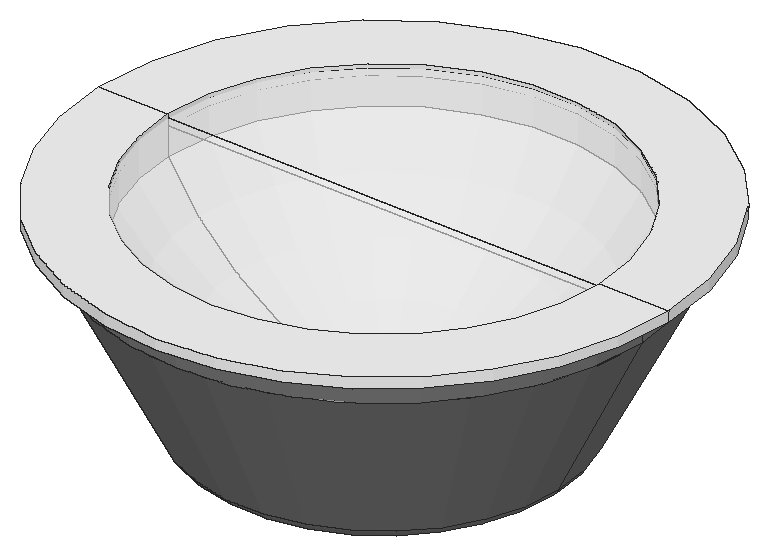
Revit family "30507", category Lighting Fixtures, host Face, Revit 2018
Family settings
  Host = Face
  Round Connector Dimension = Use Diameter
  Part Type = Normal
  OmniClass Number = 23.80.70.00
  OmniClass Title = Lighting
  Cut with Voids When Loaded = No
  Light Source = Yes
  Shared = No
  Room Calculation Point = No
Parameters (values of type "0030507 INSAVER SLIM UGR19 IP44 225 3050LM 840")
  WidthBezel_SYL = if(Size1_SYL, 20 mm, if(Size2_SYL, 20 mm, if(Size3PIR_SYL, 30 mm, if(Size4_SYL, 20 mm, 20 mm))))  # 20 mm
  Weight = "n/a"
  Wattage Comments = ""
  Wattage = 9 W
  WarrantyStartDate [instance] = "n/a"
  WarrantyGuarantorParts = "n/a"
  WarrantyDurationUnit = "n/a"
  WarrantyDurationParts = ""
  WarrantyDescription = "http://www.sylvania-lighting.com"
  built-in parameter 1150110 = 1 (stored number, unit not read)
  Voltage = 230 V
  VisibilityPIR_SYL = Size3PIR_SYL  # no
  URL = "0.9"
  TypeName = "Insaver Slim UGR19 IP44 225 3050LM 840"
  Type Image = <None>
  Type Comments = "n/a"
  built-in parameter 1114217 = 1 (stored number, unit not read)
  Tilt Angle = -90.00°
  built-in parameter 1150109 = 1 (stored number, unit not read)
  built-in parameter 1150134 = (empty or 0)
  built-in parameter 1150113 = 1 (stored number, unit not read)
  Size4_SYL = no
  Size3PIR_SYL = no
  Size2_SYL = no
  Size1_SYL = yes
  SerialNumber [instance] = "n/a"
  RadiusTop_SYL = 6 mm
  RadiusReflector_SYL = if(Size1_SYL, 85 mm, if(Size2_SYL, 85 mm, if(Size3PIR_SYL, 85 mm, if(Size4_SYL, 100 mm, 120 mm))))  # 85 mm
  Photometric Web File = "0030507.IES"
  Material_3_FEILO = Top-Sylvania-STARTDownlight
  PowerFactor = 0.9
  PowerConsumption = "Lighting"
  NominalLength = 165 mm
  NominalHeight = 50 mm
  NominalDepth = 165 mm
  Name = "Insaver Slim UGR19 IP44 225 3050LM 840"
  ModelReference = Name  # "Insaver Slim UGR19 IP44 225 3050LM 840"
  ModelNumber = "0030507"
  Model = Name  # "Insaver Slim UGR19 IP44 225 3050LM 840"
  Material = "Feilo Sylvania"
  ManufacturerName = "127 lm/W"
  Manufacturer = ""
  LuminousEfficacy = ""
  built-in parameter 1150105 = 83.795 (stored number, unit not read)
  Lumens = 1053 lm
  LuminaireType = "0"
  built-in parameter 1150115 = 1 (stored number, unit not read)
  LightOutputRatio = "LED"
  built-in parameter 1150137 = (empty or 0)
  built-in parameter 1150139 = (empty or 0)
  LampsType = Lamp  # "n/a"
  LampNominalLuminous = "4000 K"
  LampMacAdamStep = "80"
  LampColourTemperature = "LED"
  LampColourRenderingIndex = "16500"
  built-in parameter 1150112 = 1 (stored number, unit not read)
  built-in parameter 1150114 = 1 (stored number, unit not read)
  Lamp = "n/a"
  Keynote = "n/a"
  InstallationDate [instance] = "n/a"
  InputVoltage = "0"
  InputNominalFrequency = "4000"
  built-in parameter 1150132 = (empty or 0)
  built-in parameter 1150102 = (empty or 0)
  built-in parameter 1150107 = 3000 (stored number, unit not read)
  built-in parameter 1150138 = (empty or 0)
  IngressProtection = "IfcLightFixtureType"
  ImpactProtectionIndex = "IfcLightFixtureType"
  built-in parameter 1150106 = 0.83795 (stored number, unit not read)
  IfcExportType = "IfcLightFixtureType"
  IfcExportAs = "Class II"
  Height_SYL = if(Size1_SYL, 61 mm, if(Size2_SYL, 61 mm, if(Size3PIR_SYL, 61 mm, if(Size4_SYL, 61 mm, 60 mm))))  # 61 mm
  HeightBezel_SYL = if(Size1_SYL, 3 mm, if(Size2_SYL, 3 mm, if(Size3PIR_SYL, 3 mm, if(Size4_SYL, 3.2 mm, 3 mm))))  # 3 mm
  ExpectedLife = 50000
  Emit from Circle Diameter = Diameter_SYL - 40 mm  # 125 mm
  Emit Shape Visible in Rendering = no
  ElectricShockClassification = "127"
  built-in parameter 1150104 = 10.87 (stored number, unit not read)
  DurationUnit = "hours"
  DocumentationLiterature = "http://www.sylvania-lighting.com/product/en-int/products/0030507"
  DimmingControlOptions = "n/a"
  Material_2_FEILO = Diffuser-Sylvania-STARTDownlight
  Dimming Lamp Color Temperature Shift = <None>
  Diameter_SYL = if(Size1_SYL, 165 mm, if(Size2_SYL, 190 mm, if(Size3PIR_SYL, 211 mm, if(Size4_SYL, 220 mm, 240 mm))))  # 165 mm
  DiameterTop_SYL = if(Size1_SYL, 98 mm, if(Size2_SYL, 122 mm, if(Size3PIR_SYL, 120 mm, if(Size4_SYL, 135 mm, 158 mm))))  # 98 mm
  DiameterTopBase_SYL = DiameterRecess_SYL  # 150 mm
  DiameterRecess_SYL = if(Size1_SYL, 150 mm, if(Size2_SYL, 170 mm, if(Size3PIR_SYL, 186 mm, if(Size4_SYL, 200 mm, 225 mm))))  # 150 mm
  Description = "Insaver Slim is a ceiling recessed LED downlight (IP44 from the front),Die-cast aluminium body, loop in loop out connector for quick installation, Non dimmable LED driver, 24W; 3050lm; 127lm/W; 4000K; UGR <19 with shallow product depth 65mm. Meets TP(a) requirements."
  Default Elevation = 1219.2 mm
  CreatedOn = "05/03/2024"
  CreatedBy = "@sylvania-lighting.com"
  Cost = 0
  Color Filter = 16777215
  built-in parameter 1114216 [instance] = (empty or 0)
  ClassificationValue = "EF_70_80"
  ClassificationName = "Uniclass2015"
  Material_1_FEILO = Trim-Sylvania-STARTDownlight-White
  BarCode [instance] = "n/a"
  built-in parameter 1114218 = 1 (stored number, unit not read)
  built-in parameter 1150133 = 10 (stored number, unit not read)
  AssetType = "Fixed"
  AssetIdentifier [instance] = "n/a"
  Assembly Code = "D5020200"
  Apparent Load = 24 VA
  Material_4_FEILO = LED-Sylvania-STARTDownlight
Reference planes
  plane 1 "Center (Front/Back)": y = 0
  plane 2: z = 0
  plane 3 "Center (Left/Right)": x = 0
  plane 4: x = 82.5
  plane 5: x = -82.5
  plane 6: z = 3
  plane 7: z = -8
  plane 8: z = -58
  plane 9: x = -75
  plane 10: x = 75
  plane 11: x = -49
  plane 12: x = 49
  plane 13: z = -85
  plane 14: x = -62.5
  plane 15: z = 2
  plane 16: z = -46
  plane 17: x = -16
  plane 18: x = -67.5
  plane 19: x = -81.5
  plane 20: x = -99.5
  plane 21: x = -76.5
  plane 22: z = 5.5
  plane 23: z = 8.7
  plane 24: x = -75.5
  plane 25: z = 13.7
Forms (mm)
  Revolve 1, void
    sketch origin (0, 0, 0) x (1, 0, 0) y (0, 0, 1)
      loop
        line (0, 0) -> (-75, 0) -> (-75, -85) -> (0, -85) -> (0, 0)
      axis (0, 0) -> (0, -85)
    angle from 360 to 0
  Revolve 2, solid, material "Trim-Sylvania-STARTDownlight-White" <- "Material_1_FEILO"
    sketch origin (0, 0, 0) x (1, 0, 0) y (0, 0, 1)
      loop
        line (-62.5, 3) -> (-82.5, 3) -> (-82.5, 0) -> (-75, 0) -> (-75, -8) -> (-50.681, -54.768)
        arc (-50.681, -54.768) -> (-48.471, -57.129) -> (-45.357, -58) r 6
        line (-45.357, -58) -> (0, -58) -> (0, -46) -> (-16, -46)
        arc (-16, -46) -> (-42.718, -31.243) -> (-62.5, -8) r 85
        line (-62.5, -8) -> (-62.5, 3)
      axis (0, 3) -> (0, -58)
    angle from 360 to 0
  Revolve 3, solid, material "Diffuser-Sylvania-STARTDownlight" <- "Material_2_FEILO"
    sketch origin (0, 0, 0) x (1, 0, 0) y (0, 0, 1)
      loop
        line (-62.5, 0) -> (0, 0) -> (0, 2) -> (-62.5, 2) -> (-62.5, 0)
      axis (0, 2) -> (0, 0)
    angle from 360 to 0
  Revolve 4, solid, material "Trim-Sylvania-STARTDownlight-White" <- "Material_1_FEILO", visible <- "VisibilityPIR_SYL"
    sketch origin (0, 0, 0) x (1, 0, 0) y (0, 0, 1)
      loop
        line (-67.5, 3) -> (-67.5, 13.7)
        arc (-67.5, 13.7) -> (-72.217, 12.347) -> (-75.5, 8.7) r 8.9
        line (-75.5, 8.7) -> (-75.5, 5.5) -> (-76.5, 5.5) -> (-76.5, 3) -> (-67.5, 3)
      axis (-67.5, 13.7) -> (-67.5, 3)
    angle from 360 to 0
Dimensions and locks
  equal spacing: plane 4, plane 3 "Center (Left/Right)", plane 5
  "Diameter_SYL": plane 4 to plane 5
  equal spacing: plane 10, plane 3 "Center (Left/Right)", plane 9
  equal spacing: plane 12, plane 3 "Center (Left/Right)", plane 11
  "DiameterTop_SYL": plane 12 to plane 11
  "HeightBezel_SYL": plane 6 to plane 2
  "Height_SYL": plane 6 to plane 8
  locked: plane 2 to plane 7 at 8
  locked: plane 2 to plane 13 at 85
  "WidthBezel_SYL": plane 14 to plane 5
  locked: plane 6 to plane 15 at 1
  "DiameterRecess_SYL": plane 10 to plane 9
  locked: plane 3 "Center (Left/Right)" to plane 17 at 16
  locked: plane 16 to plane 8 at 12
  locked: plane 18 to plane 21 at 9
  locked: plane 22 to plane 6 at 2.5
  locked: plane 23 to plane 22 at 3.2
  locked: plane 18 to plane 24 at 8
  locked: plane 25 to plane 23 at 5
  locked: plane 25 to Revolve 4 sketch curve at 8.9
  locked: plane 18 to plane 5 at 15
  "RadiusReflector_SYL": radius of Revolve 2 sketch curve
  "RadiusTop_SYL": radius of Revolve 2 sketch curve
  aligned and locked: plane 2 to host face
  aligned and locked: level to host face
  aligned and locked: Revolve 1 sketch curve to plane 3 "Center (Left/Right)"
  aligned and locked: plane 3 "Center (Left/Right)" to Revolve 1 sketch curve
  aligned and locked: Revolve 1 sketch curve to plane 9
  aligned and locked: plane 13 to Revolve 1 sketch curve
  aligned and locked: plane 3 "Center (Left/Right)" to imposter light
  aligned and locked: imposter light to plane 15
  aligned and locked: imposter light to plane 1 "Center (Front/Back)"
  aligned and locked: Revolve 2 sketch curve to plane 3 "Center (Left/Right)"
  aligned and locked: Revolve 2 sketch curve to plane 6
  aligned and locked: Revolve 2 sketch curve to plane 5
  aligned and locked: Revolve 2 sketch curve to level
  aligned and locked: plane 7 to Revolve 2 sketch curve  (x2)
  aligned and locked: Revolve 2 sketch curve to plane 9
  aligned and locked: plane 8 to Revolve 2 sketch curve
  aligned and locked: Revolve 2 sketch curve to plane 14
  aligned and locked: plane 3 "Center (Left/Right)" to Revolve 2 sketch curve
  aligned and locked: Revolve 2 sketch curve to plane 16
  aligned and locked: Revolve 3 sketch curve to plane 3 "Center (Left/Right)"
  aligned and locked: Revolve 3 sketch curve to level
  aligned and locked: imposter light to Revolve 3 sketch curve  (x2)
  aligned and locked: Revolve 4 sketch curve to plane 18  (x2)
  aligned and locked: Revolve 4 sketch curve to plane 6
  aligned and locked: plane 22 to Revolve 4 sketch curve
  aligned and locked: plane 24 to Revolve 4 sketch curve
  aligned and locked: Revolve 4 sketch curve to Revolve 4 sketch curve
  aligned and locked: plane 21 to Revolve 4 sketch curve
Automatic sketch dimensions
  host sketch curve to host sketch curve = 2438.4 mm  (x2)
  plane 13 to Revolve 1 sketch curve = 524.6 mm
  Revolve 1 sketch curve to plane 6 = 2606.058 mm
  Revolve 1 sketch curve to level = 0 mm
  Revolve 2 sketch curve to plane 17 = 0 mm
  Revolve 2 sketch curve to plane 11 = 1.681 mm
  plane 11 to Revolve 2 sketch curve = 3.643 mm
  plane 13 to Revolve 2 sketch curve = 524.6 mm
  Revolve 2 sketch curve to Revolve 2 sketch curve = 2577.983 mm
  Revolve 3 sketch curve to plane 14 = 0 mm
  plane 13 to Revolve 3 sketch curve = 524.6 mm
  Revolve 3 sketch curve to plane 6 = 2606.058 mm
  Revolve 4 sketch curve to plane 23 = 0 mm
  plane 13 to Revolve 4 sketch curve = 524.6 mm
  Revolve 4 sketch curve to Revolve 4 sketch curve = 2595.358 mm
Connectors
  electrical at (0, 0, 0), driven by "Apparent Load", driven by "PowerFactor", driven by "Voltage"
    settings: index 1, voltage 230 V, apparent load 24 VA, apparent load phase1 0 VA, apparent load phase2 0 VA, apparent load phase3 0 VA, power factor 0.9, load classification "Lighting", number of poles 1, system type 30, power factor state 1, is connector primary yes, connector utility no, sub classification motor no, connector description ""
